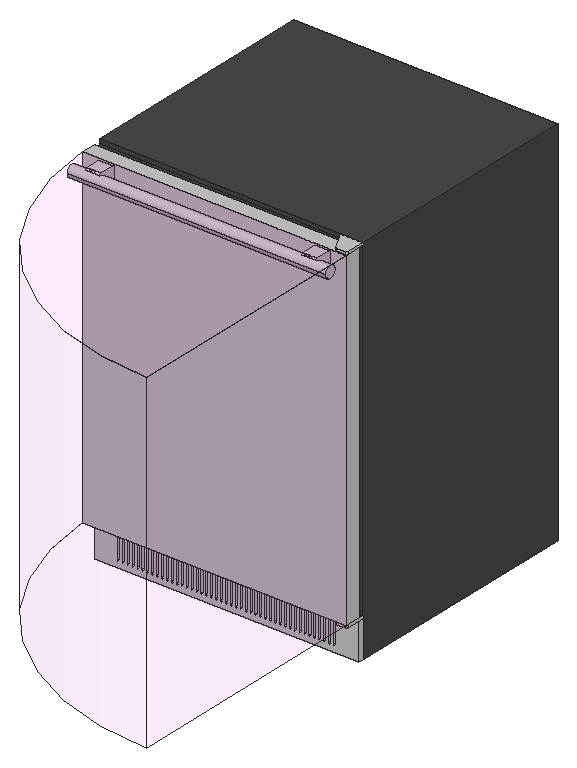
Revit family "Qf_Summit_SPR623OS_24 inches_Wide_Outdoor_All_Refrigerator", category Specialty Equipment, Revit 2020
Family settings
  Round Connector Dimension = Use Diameter
  Part Type = Normal
  Work Plane-Based = No
  Always vertical = Yes
  Cut with Voids When Loaded = No
  Shared = No
  Room Calculation Point = No
Parameters
  Weight in Pounds = 114
  Watts = if(Phase = 3, Volts * FL Amps * 1.73, Volts * FL Amps)  # 143.75 W
  Volts = 115 V
  URL Cutsheet = ""
  Specification by User = ""
  Specification by Manufacturer = ""
  Show Left Hinged Door [instance] = no
  Right Hinged Door [instance] = not(Show Left Hinged Door)  # yes
  Serial Number = ""
  Seismic Rating = ""
  SMACNA No = ""
  Revision Code = ""
  Refrigerant Volume = 0.00 kip
  Refrigerant Type = "R600a"
  Phase = 1
  Number of Poles = 1
  NAFEM Spec ID Number = ""
  Model = "SPR623OS"
  Min Ckt Ampacity = 0 A
  Max Overcurrent Protection = 0 A
  Masterspec = ""
  Manufacturer = "Summit"
  Length = 23 1/2"
  Item Number = ""
  Installed By = ""
  Identify Quantity as Lot = yes
  Height = 34"
  HP = ""
  Furnished By = ""
  Foodservice Equipment Identifier = yes
  FL Amps = 1.25 A
  Electrical Remarks = ""
  Electric Connection Type = ""
  Elec Conn RI Height = 0"
  Elec Conn Connection Height = 0"
  Description = "24\" Wide Outdoor All-Refrigerator"
  Depth = 23 1/2"
  Default Elevation = 0"
  Cycle = 60 Hz
  Conn Plug = ""
  Conn Conduit = yes
  CSI MasterFormat = ""
  Apparent Power = if(Phase = 3, Volts * FL Amps * 1.73, Volts * FL Amps)  # 143.75 VA
Reference planes (in)
  plane 1: z = 0
  plane 2 "LEFT": x = 0
  plane 3 "RIGHT": x = 23.5
  plane 4 "FRONT": y = -24.25
  plane 5 "TOP": z = 34
  plane 6 "Center Y": x = 11.75
  plane 7 "Center X": y = -12.5
  plane 8 "BACK": y = -0.75
  plane 9: y = -46.5
  plane 10: z = 0.75
  plane 11: z = 4
  plane 12: y = -26.25
  plane 13: y = -22.875
  plane 14: y = -22.375
  plane 15: z = 4.25
  plane 16: z = 33.8125
Forms (in)
  Extrusion 1, solid, material "QF_Metal_Stainless_Polished"
    sketch origin (23.88, 0, 0) x (0, 1, 0) y (0, 0, 1)
      loop
        circle (-25.75, 33.0562) r 0.5
    from -23.63 to -0.63
  Extrusion 2, solid, material "QF_Metal_Stainless_Polished"
    sketch origin (23.88, 0, 0) x (0, 1, 0) y (0, 0, 1)
      loop
        arc (-25.75, 33.5562) -> (-25.25, 33.0562) -> (-25.75, 32.5562) r 0.5
        line (-25.75, 32.5562) -> (-25.625, 32.4312) -> (-24.25, 32.4312) -> (-24.25, 33.6812) -> (-25.625, 33.6812) -> (-25.75, 33.5562)
    from -3.13 to -1.88
  Extrusion 3, solid, material "QF_Metal_Stainless_Polished"
    sketch origin (0, 0, 0) x (1, 0, 0) y (0, 1, 0)
      loop
        line (0, -22.875) -> (0, -24.25) -> (23.5, -24.25) -> (23.5, -22.875) -> (0, -22.875)
    from 4.25 to 33.8125
  Extrusion 4, solid, material "QF_Plastic - Black - Matte"
    sketch origin (0, 0, 0) x (1, 0, 0) y (0, 1, 0)
      loop
        line (0.125, -22.375) -> (0.125, -22.875) -> (23.375, -22.875) -> (23.375, -22.375) -> (0.125, -22.375)
    from 4.56834 to 33.6812
  Extrusion 5, solid, material "QF_Plastic - Black - Matte"
    sketch origin (0, 0, 0) x (1, 0, 0) y (0, 1, 0)
      loop
        line (0, -0.75) -> (0, -22.375) -> (23.5, -22.375) -> (23.5, -0.75) -> (0, -0.75)
    from 0.75 to 34
  Extrusion 6, solid, material "QF_Metal_Stainless_Polished"
    sketch origin (23.88, 0, 0) x (0, 1, 0) y (0, 0, 1)
      loop
        line (-22.375, 4) -> (-22.875, 4) -> (-22.875, 0.75) -> (-22.375, 0.75) -> (-22.375, 4)
    from -23.88 to -0.38
  Extrusion 7, solid, material "QF_Metal_Stainless_Polished"
    sketch origin (-0.38, 0, 0) x (0, 1, 0) y (0, 0, -1)
      loop
        line (-25.75, -33.5562) -> (-25.625, -33.6812) -> (-24.25, -33.6812) -> (-24.25, -32.4312) -> (-25.625, -32.4312) -> (-25.75, -32.5562)
        arc (-25.75, -32.5562) -> (-25.25, -33.0562) -> (-25.75, -33.5562) r 0.5
    from -3.13 to -1.88
  Revolve 8, solid
    sketch origin (0, -2, 0) x (1, 0, 0) y (0, 0, 1)
      loop
        line (1.5, 0.75) -> (1.5, 0) -> (2, 0) -> (2.08333, 0.4375) -> (2.08333, 0.5) -> (1.6875, 0.5) -> (1.6875, 0.75) -> (1.5, 0.75)
      axis (1.5, 0) -> (1.5, 0.75)
    angle from 0 to 360
  Revolve 9, solid
    sketch origin (23.5, -2, 0) x (-1, 0, 0) y (0, 0, 1)
      loop
        line (1.5, 0.75) -> (1.5, 0) -> (2, 0) -> (2.08333, 0.4375) -> (2.08333, 0.5) -> (1.6875, 0.5) -> (1.6875, 0.75) -> (1.5, 0.75)
      axis (1.5, 0) -> (1.5, 0.75)
    angle from 0 to 360
  Revolve 10, solid
    sketch origin (0, -21.25, 0) x (1, 0, 0) y (0, 0, 1)
      loop
        line (1.5, 0.75) -> (1.5, 0) -> (2, 0) -> (2.08333, 0.4375) -> (2.08333, 0.5) -> (1.6875, 0.5) -> (1.6875, 0.75) -> (1.5, 0.75)
      axis (1.5, 0) -> (1.5, 0.75)
    angle from 0 to 360
  Revolve 11, solid
    sketch origin (23.5, -21.25, 0) x (-1, 0, 0) y (0, 0, 1)
      loop
        line (1.5, 0.75) -> (1.5, 0) -> (2, 0) -> (2.08333, 0.4375) -> (2.08333, 0.5) -> (1.6875, 0.5) -> (1.6875, 0.75) -> (1.5, 0.75)
      axis (1.5, 0) -> (1.5, 0.75)
    angle from 0 to 360
  Extrusion 12, solid
    sketch origin (0, -0.75, 0) x (1, 0, 0) y (0, 0, 1)
      loop
        circle (17.5, 1.63431) r 0.25
    from 0 to -0.11328
  Extrusion 13, solid, material "QF_Metal_Stainless_Polished", visible <- "Right Hinged Door"
    sketch origin (0, 0, 0) x (1, 0, 0) y (0, 1, 0)
      loop
        line (21.5, -22.375) -> (22.46339, -24.12801)
        arc (22.46339, -24.12801) -> (22.50887, -24.17162) -> (22.56985, -24.1875) r 0.125
        line (22.56985, -24.1875) -> (23.375, -24.1875)
        arc (23.375, -24.1875) -> (23.46339, -24.15089) -> (23.5, -24.0625) r 0.125
        line (23.5, -24.0625) -> (23.5, -22.375) -> (21.5, -22.375)
    from 33.8125 to 34
  Extrusion 14, solid, material "QF_Metal_Stainless_Polished", visible <- "Right Hinged Door"
    sketch origin (0, 0, 34.75) x (0, -1, 0) y (1, 0, 0)
      loop
        line (22.375, 21.5) -> (24.12801, 22.46339)
        arc (24.12801, 22.46339) -> (24.17162, 22.50887) -> (24.1875, 22.56985) r 0.125
        line (24.1875, 22.56985) -> (24.1875, 23.375)
        arc (24.1875, 23.375) -> (24.15089, 23.46339) -> (24.0625, 23.5) r 0.125
        line (24.0625, 23.5) -> (22.375, 23.5) -> (22.375, 21.5)
    from -30.75 to -30.5
  Extrusion 15, void
    sketch origin (23.88, -22.875, 4) x (0, 0, 1) y (1, 0, 0)
      loop
        arc (-0.54337, -21.84875) -> (-0.44962, -21.755) -> (-0.54337, -21.66125) r 0.09375
        line (-0.54337, -21.66125) -> (-2.60587, -21.66125)
        arc (-2.60587, -21.66125) -> (-2.69962, -21.755) -> (-2.60587, -21.84875) r 0.09375
        line (-2.60587, -21.84875) -> (-0.54337, -21.84875)
      loop
        arc (-0.54337, -21.41125) -> (-0.44962, -21.3175) -> (-0.54337, -21.22375) r 0.09375
        line (-0.54337, -21.22375) -> (-2.60587, -21.22375)
        arc (-2.60587, -21.22375) -> (-2.69962, -21.3175) -> (-2.60587, -21.41125) r 0.09375
        line (-2.60587, -21.41125) -> (-0.54337, -21.41125)
      loop
        arc (-0.54337, -20.97375) -> (-0.44962, -20.88) -> (-0.54337, -20.78625) r 0.09375
        line (-0.54337, -20.78625) -> (-2.60587, -20.78625)
        arc (-2.60587, -20.78625) -> (-2.69962, -20.88) -> (-2.60587, -20.97375) r 0.09375
        line (-2.60587, -20.97375) -> (-0.54337, -20.97375)
      loop
        arc (-0.53125, -20.53625) -> (-0.4375, -20.4425) -> (-0.53125, -20.34875) r 0.09375
        line (-0.53125, -20.34875) -> (-2.59375, -20.34875)
        arc (-2.59375, -20.34875) -> (-2.6875, -20.4425) -> (-2.59375, -20.53625) r 0.09375
        line (-2.59375, -20.53625) -> (-0.53125, -20.53625)
      loop
        arc (-0.53125, -20.09875) -> (-0.4375, -20.005) -> (-0.53125, -19.91125) r 0.09375
        line (-0.53125, -19.91125) -> (-2.59375, -19.91125)
        arc (-2.59375, -19.91125) -> (-2.6875, -20.005) -> (-2.59375, -20.09875) r 0.09375
        line (-2.59375, -20.09875) -> (-0.53125, -20.09875)
      loop
        arc (-0.53125, -19.66125) -> (-0.4375, -19.5675) -> (-0.53125, -19.47375) r 0.09375
        line (-0.53125, -19.47375) -> (-2.59375, -19.47375)
        arc (-2.59375, -19.47375) -> (-2.6875, -19.5675) -> (-2.59375, -19.66125) r 0.09375
        line (-2.59375, -19.66125) -> (-0.53125, -19.66125)
      loop
        arc (-0.54337, -19.22375) -> (-0.44962, -19.13) -> (-0.54337, -19.03625) r 0.09375
        line (-0.54337, -19.03625) -> (-2.60587, -19.03625)
        arc (-2.60587, -19.03625) -> (-2.69962, -19.13) -> (-2.60587, -19.22375) r 0.09375
        line (-2.60587, -19.22375) -> (-0.54337, -19.22375)
      loop
        arc (-0.54337, -18.78625) -> (-0.44962, -18.6925) -> (-0.54337, -18.59875) r 0.09375
        line (-0.54337, -18.59875) -> (-2.60587, -18.59875)
        arc (-2.60587, -18.59875) -> (-2.69962, -18.6925) -> (-2.60587, -18.78625) r 0.09375
        line (-2.60587, -18.78625) -> (-0.54337, -18.78625)
      loop
        arc (-0.54337, -18.34875) -> (-0.44962, -18.255) -> (-0.54337, -18.16125) r 0.09375
        line (-0.54337, -18.16125) -> (-2.60587, -18.16125)
        arc (-2.60587, -18.16125) -> (-2.69962, -18.255) -> (-2.60587, -18.34875) r 0.09375
        line (-2.60587, -18.34875) -> (-0.54337, -18.34875)
      loop
        arc (-0.53125, -17.91125) -> (-0.4375, -17.8175) -> (-0.53125, -17.72375) r 0.09375
        line (-0.53125, -17.72375) -> (-2.59375, -17.72375)
        arc (-2.59375, -17.72375) -> (-2.6875, -17.8175) -> (-2.59375, -17.91125) r 0.09375
        line (-2.59375, -17.91125) -> (-0.53125, -17.91125)
      loop
        arc (-0.54337, -17.47375) -> (-0.44962, -17.38) -> (-0.54337, -17.28625) r 0.09375
        line (-0.54337, -17.28625) -> (-2.60587, -17.28625)
        arc (-2.60587, -17.28625) -> (-2.69962, -17.38) -> (-2.60587, -17.47375) r 0.09375
        line (-2.60587, -17.47375) -> (-0.54337, -17.47375)
      loop
        arc (-0.54337, -17.03625) -> (-0.44962, -16.9425) -> (-0.54337, -16.84875) r 0.09375
        line (-0.54337, -16.84875) -> (-2.60587, -16.84875)
        arc (-2.60587, -16.84875) -> (-2.69962, -16.9425) -> (-2.60587, -17.03625) r 0.09375
        line (-2.60587, -17.03625) -> (-0.54337, -17.03625)
      loop
        arc (-0.54337, -16.59875) -> (-0.44962, -16.505) -> (-0.54337, -16.41125) r 0.09375
        line (-0.54337, -16.41125) -> (-2.60587, -16.41125)
        arc (-2.60587, -16.41125) -> (-2.69962, -16.505) -> (-2.60587, -16.59875) r 0.09375
        line (-2.60587, -16.59875) -> (-0.54337, -16.59875)
      loop
        arc (-0.53125, -16.16125) -> (-0.4375, -16.0675) -> (-0.53125, -15.97375) r 0.09375
        line (-0.53125, -15.97375) -> (-2.59375, -15.97375)
        arc (-2.59375, -15.97375) -> (-2.6875, -16.0675) -> (-2.59375, -16.16125) r 0.09375
        line (-2.59375, -16.16125) -> (-0.53125, -16.16125)
      loop
        arc (-0.53125, -15.72375) -> (-0.4375, -15.63) -> (-0.53125, -15.53625) r 0.09375
        line (-0.53125, -15.53625) -> (-2.59375, -15.53625)
        arc (-2.59375, -15.53625) -> (-2.6875, -15.63) -> (-2.59375, -15.72375) r 0.09375
        line (-2.59375, -15.72375) -> (-0.53125, -15.72375)
      loop
        arc (-0.53125, -15.28625) -> (-0.4375, -15.1925) -> (-0.53125, -15.09875) r 0.09375
        line (-0.53125, -15.09875) -> (-2.59375, -15.09875)
        arc (-2.59375, -15.09875) -> (-2.6875, -15.1925) -> (-2.59375, -15.28625) r 0.09375
        line (-2.59375, -15.28625) -> (-0.53125, -15.28625)
      loop
        arc (-0.54337, -14.84875) -> (-0.44962, -14.755) -> (-0.54337, -14.66125) r 0.09375
        line (-0.54337, -14.66125) -> (-2.60587, -14.66125)
        arc (-2.60587, -14.66125) -> (-2.69962, -14.755) -> (-2.60587, -14.84875) r 0.09375
        line (-2.60587, -14.84875) -> (-0.54337, -14.84875)
      loop
        arc (-0.54337, -14.41125) -> (-0.44962, -14.3175) -> (-0.54337, -14.22375) r 0.09375
        line (-0.54337, -14.22375) -> (-2.60587, -14.22375)
        arc (-2.60587, -14.22375) -> (-2.69962, -14.3175) -> (-2.60587, -14.41125) r 0.09375
        line (-2.60587, -14.41125) -> (-0.54337, -14.41125)
      loop
        arc (-0.54337, -13.97375) -> (-0.44962, -13.88) -> (-0.54337, -13.78625) r 0.09375
        line (-0.54337, -13.78625) -> (-2.60587, -13.78625)
        arc (-2.60587, -13.78625) -> (-2.69962, -13.88) -> (-2.60587, -13.97375) r 0.09375
        line (-2.60587, -13.97375) -> (-0.54337, -13.97375)
      loop
        arc (-0.53125, -13.53625) -> (-0.4375, -13.4425) -> (-0.53125, -13.34875) r 0.09375
        line (-0.53125, -13.34875) -> (-2.59375, -13.34875)
        arc (-2.59375, -13.34875) -> (-2.6875, -13.4425) -> (-2.59375, -13.53625) r 0.09375
        line (-2.59375, -13.53625) -> (-0.53125, -13.53625)
      loop
        arc (-0.54337, -13.09875) -> (-0.44962, -13.005) -> (-0.54337, -12.91125) r 0.09375
        line (-0.54337, -12.91125) -> (-2.60587, -12.91125)
        arc (-2.60587, -12.91125) -> (-2.69962, -13.005) -> (-2.60587, -13.09875) r 0.09375
        line (-2.60587, -13.09875) -> (-0.54337, -13.09875)
      loop
        arc (-0.54337, -12.66125) -> (-0.44962, -12.5675) -> (-0.54337, -12.47375) r 0.09375
        line (-0.54337, -12.47375) -> (-2.60587, -12.47375)
        arc (-2.60587, -12.47375) -> (-2.69962, -12.5675) -> (-2.60587, -12.66125) r 0.09375
        line (-2.60587, -12.66125) -> (-0.54337, -12.66125)
      loop
        arc (-0.54337, -12.22375) -> (-0.44962, -12.13) -> (-0.54337, -12.03625) r 0.09375
        line (-0.54337, -12.03625) -> (-2.60587, -12.03625)
        arc (-2.60587, -12.03625) -> (-2.69962, -12.13) -> (-2.60587, -12.22375) r 0.09375
        line (-2.60587, -12.22375) -> (-0.54337, -12.22375)
      loop
        arc (-0.53125, -11.78625) -> (-0.4375, -11.6925) -> (-0.53125, -11.59875) r 0.09375
        line (-0.53125, -11.59875) -> (-2.59375, -11.59875)
        arc (-2.59375, -11.59875) -> (-2.6875, -11.6925) -> (-2.59375, -11.78625) r 0.09375
        line (-2.59375, -11.78625) -> (-0.53125, -11.78625)
      loop
        arc (-0.53125, -11.34875) -> (-0.4375, -11.255) -> (-0.53125, -11.16125) r 0.09375
        line (-0.53125, -11.16125) -> (-2.59375, -11.16125)
        arc (-2.59375, -11.16125) -> (-2.6875, -11.255) -> (-2.59375, -11.34875) r 0.09375
        line (-2.59375, -11.34875) -> (-0.53125, -11.34875)
      loop
        arc (-0.53125, -10.91125) -> (-0.4375, -10.8175) -> (-0.53125, -10.72375) r 0.09375
        line (-0.53125, -10.72375) -> (-2.59375, -10.72375)
        arc (-2.59375, -10.72375) -> (-2.6875, -10.8175) -> (-2.59375, -10.91125) r 0.09375
        line (-2.59375, -10.91125) -> (-0.53125, -10.91125)
      loop
        arc (-0.54337, -10.47375) -> (-0.44962, -10.38) -> (-0.54337, -10.28625) r 0.09375
        line (-0.54337, -10.28625) -> (-2.60587, -10.28625)
        arc (-2.60587, -10.28625) -> (-2.69962, -10.38) -> (-2.60587, -10.47375) r 0.09375
        line (-2.60587, -10.47375) -> (-0.54337, -10.47375)
      loop
        arc (-0.54337, -10.03625) -> (-0.44962, -9.9425) -> (-0.54337, -9.84875) r 0.09375
        line (-0.54337, -9.84875) -> (-2.60587, -9.84875)
        arc (-2.60587, -9.84875) -> (-2.69962, -9.9425) -> (-2.60587, -10.03625) r 0.09375
        line (-2.60587, -10.03625) -> (-0.54337, -10.03625)
      loop
        arc (-0.54337, -9.59875) -> (-0.44962, -9.505) -> (-0.54337, -9.41125) r 0.09375
        line (-0.54337, -9.41125) -> (-2.60587, -9.41125)
        arc (-2.60587, -9.41125) -> (-2.69962, -9.505) -> (-2.60587, -9.59875) r 0.09375
        line (-2.60587, -9.59875) -> (-0.54337, -9.59875)
      loop
        arc (-0.53125, -9.16125) -> (-0.4375, -9.0675) -> (-0.53125, -8.97375) r 0.09375
        line (-0.53125, -8.97375) -> (-2.59375, -8.97375)
        arc (-2.59375, -8.97375) -> (-2.6875, -9.0675) -> (-2.59375, -9.16125) r 0.09375
        line (-2.59375, -9.16125) -> (-0.53125, -9.16125)
      loop
        arc (-0.54337, -8.72375) -> (-0.44962, -8.63) -> (-0.54337, -8.53625) r 0.09375
        line (-0.54337, -8.53625) -> (-2.60587, -8.53625)
        arc (-2.60587, -8.53625) -> (-2.69962, -8.63) -> (-2.60587, -8.72375) r 0.09375
        line (-2.60587, -8.72375) -> (-0.54337, -8.72375)
      loop
        arc (-0.54337, -8.28625) -> (-0.44962, -8.1925) -> (-0.54337, -8.09875) r 0.09375
        line (-0.54337, -8.09875) -> (-2.60587, -8.09875)
        arc (-2.60587, -8.09875) -> (-2.69962, -8.1925) -> (-2.60587, -8.28625) r 0.09375
        line (-2.60587, -8.28625) -> (-0.54337, -8.28625)
      loop
        arc (-0.54337, -7.84875) -> (-0.44962, -7.755) -> (-0.54337, -7.66125) r 0.09375
        line (-0.54337, -7.66125) -> (-2.60587, -7.66125)
        arc (-2.60587, -7.66125) -> (-2.69962, -7.755) -> (-2.60587, -7.84875) r 0.09375
        line (-2.60587, -7.84875) -> (-0.54337, -7.84875)
      loop
        arc (-0.53125, -7.41125) -> (-0.4375, -7.3175) -> (-0.53125, -7.22375) r 0.09375
        line (-0.53125, -7.22375) -> (-2.59375, -7.22375)
        arc (-2.59375, -7.22375) -> (-2.6875, -7.3175) -> (-2.59375, -7.41125) r 0.09375
        line (-2.59375, -7.41125) -> (-0.53125, -7.41125)
      loop
        arc (-0.53125, -6.97375) -> (-0.4375, -6.88) -> (-0.53125, -6.78625) r 0.09375
        line (-0.53125, -6.78625) -> (-2.59375, -6.78625)
        arc (-2.59375, -6.78625) -> (-2.6875, -6.88) -> (-2.59375, -6.97375) r 0.09375
        line (-2.59375, -6.97375) -> (-0.53125, -6.97375)
      loop
        arc (-0.53125, -6.53625) -> (-0.4375, -6.4425) -> (-0.53125, -6.34875) r 0.09375
        line (-0.53125, -6.34875) -> (-2.59375, -6.34875)
        arc (-2.59375, -6.34875) -> (-2.6875, -6.4425) -> (-2.59375, -6.53625) r 0.09375
        line (-2.59375, -6.53625) -> (-0.53125, -6.53625)
      loop
        arc (-0.54337, -6.09875) -> (-0.44962, -6.005) -> (-0.54337, -5.91125) r 0.09375
        line (-0.54337, -5.91125) -> (-2.60587, -5.91125)
        arc (-2.60587, -5.91125) -> (-2.69962, -6.005) -> (-2.60587, -6.09875) r 0.09375
        line (-2.60587, -6.09875) -> (-0.54337, -6.09875)
      loop
        arc (-0.54337, -5.66125) -> (-0.44962, -5.5675) -> (-0.54337, -5.47375) r 0.09375
        line (-0.54337, -5.47375) -> (-2.60587, -5.47375)
        arc (-2.60587, -5.47375) -> (-2.69962, -5.5675) -> (-2.60587, -5.66125) r 0.09375
        line (-2.60587, -5.66125) -> (-0.54337, -5.66125)
      loop
        arc (-0.54337, -5.22375) -> (-0.44962, -5.13) -> (-0.54337, -5.03625) r 0.09375
        line (-0.54337, -5.03625) -> (-2.60587, -5.03625)
        arc (-2.60587, -5.03625) -> (-2.69962, -5.13) -> (-2.60587, -5.22375) r 0.09375
        line (-2.60587, -5.22375) -> (-0.54337, -5.22375)
      loop
        arc (-0.53125, -4.78625) -> (-0.4375, -4.6925) -> (-0.53125, -4.59875) r 0.09375
        line (-0.53125, -4.59875) -> (-2.59375, -4.59875)
        arc (-2.59375, -4.59875) -> (-2.6875, -4.6925) -> (-2.59375, -4.78625) r 0.09375
        line (-2.59375, -4.78625) -> (-0.53125, -4.78625)
      loop
        arc (-0.54337, -4.34875) -> (-0.44962, -4.255) -> (-0.54337, -4.16125) r 0.09375
        line (-0.54337, -4.16125) -> (-2.60587, -4.16125)
        arc (-2.60587, -4.16125) -> (-2.69962, -4.255) -> (-2.60587, -4.34875) r 0.09375
        line (-2.60587, -4.34875) -> (-0.54337, -4.34875)
      loop
        arc (-0.54337, -3.91125) -> (-0.44962, -3.8175) -> (-0.54337, -3.72375) r 0.09375
        line (-0.54337, -3.72375) -> (-2.60587, -3.72375)
        arc (-2.60587, -3.72375) -> (-2.69962, -3.8175) -> (-2.60587, -3.91125) r 0.09375
        line (-2.60587, -3.91125) -> (-0.54337, -3.91125)
      loop
        arc (-0.54337, -3.47375) -> (-0.44962, -3.38) -> (-0.54337, -3.28625) r 0.09375
        line (-0.54337, -3.28625) -> (-2.60587, -3.28625)
        arc (-2.60587, -3.28625) -> (-2.69962, -3.38) -> (-2.60587, -3.47375) r 0.09375
        line (-2.60587, -3.47375) -> (-0.54337, -3.47375)
      loop
        arc (-0.53125, -3.03625) -> (-0.4375, -2.9425) -> (-0.53125, -2.84875) r 0.09375
        line (-0.53125, -2.84875) -> (-2.59375, -2.84875)
        arc (-2.59375, -2.84875) -> (-2.6875, -2.9425) -> (-2.59375, -3.03625) r 0.09375
        line (-2.59375, -3.03625) -> (-0.53125, -3.03625)
      loop
        arc (-0.53125, -2.59875) -> (-0.4375, -2.505) -> (-0.53125, -2.41125) r 0.09375
        line (-0.53125, -2.41125) -> (-2.59375, -2.41125)
        arc (-2.59375, -2.41125) -> (-2.6875, -2.505) -> (-2.59375, -2.59875) r 0.09375
        line (-2.59375, -2.59875) -> (-0.53125, -2.59875)
    from 0 to 0.5
  Extrusion 16, solid, material "QF_Clearances_Door_Drawer", visible <- "Right Hinged Door"
    sketch origin (0, 0, 0) x (1, 0, 0) y (0, 1, 0)
      loop
        arc (0.02353, -24.24895) -> (7.32606, -40.05533) -> (23.5, -46.50296) r 23.51004
        line (23.5, -46.50296) -> (23.5, -24.24895) -> (0.02353, -24.24895)
    from 4.25 to 33.8125
  Extrusion 17, solid, material "QF_Metal_Stainless_Polished", visible <- "Show Left Hinged Door"
    sketch origin (23.5, 0, 0) x (-1, 0, 0) y (0, -1, 0)
      loop
        line (21.5, 22.375) -> (23.5, 22.375) -> (23.5, 24.0625)
        arc (23.5, 24.0625) -> (23.46339, 24.15089) -> (23.375, 24.1875) r 0.125
        line (23.375, 24.1875) -> (22.56985, 24.1875)
        arc (22.56985, 24.1875) -> (22.50887, 24.17162) -> (22.46339, 24.12801) r 0.125
        line (22.46339, 24.12801) -> (21.5, 22.375)
    from 33.8125 to 34
  Extrusion 18, solid, material "QF_Metal_Stainless_Polished", visible <- "Show Left Hinged Door"
    sketch origin (23.5, 0, 34.75) x (0, 1, 0) y (-1, 0, 0)
      loop
        line (-22.375, 21.5) -> (-22.375, 23.5) -> (-24.0625, 23.5)
        arc (-24.0625, 23.5) -> (-24.15089, 23.46339) -> (-24.1875, 23.375) r 0.125
        line (-24.1875, 23.375) -> (-24.1875, 22.56985)
        arc (-24.1875, 22.56985) -> (-24.17162, 22.50887) -> (-24.12801, 22.46339) r 0.125
        line (-24.12801, 22.46339) -> (-22.375, 21.5)
    from -30.75 to -30.5
  Extrusion 19, solid, material "QF_Clearances_Door_Drawer", visible <- "Show Left Hinged Door"
    sketch origin (23.5, 0, 0) x (-1, 0, 0) y (0, -1, 0)
      loop
        line (0.02353, 24.24895) -> (23.5, 24.24895) -> (23.5, 46.50296)
        arc (23.5, 46.50296) -> (7.32606, 40.05533) -> (0.02353, 24.24895) r 23.51004
    from 4.25 to 33.8125
Cuts and joins
  Extrusion 15 cuts Extrusion 5
  Extrusion 15 cuts Extrusion 6
Lines and regions (in)
  symbolic lines
    curve 1: line (0, -0.75, 0) -> (0, -22.375, 0)
    curve 2: line (0, -22.375, 0) -> (23.5, -22.375, 0)
    curve 3: line (23.5, -24.25, 0) -> (23.5, -22.875, 0)
    curve 4: line (23.5, -0.75, 0) -> (0, -0.75, 0)
    curve 5: line (0, -24.25, 0) -> (23.5, -24.25, 0)
    curve 6: line (23.5, -24.25, 0) -> (23.5, -22.875, 0)
    curve 7: line (0, -22.875, 0) -> (0, -24.25, 0)
    curve 8: line (1.5, -25.75, 0) -> (1.5, -24.25, 0)
    curve 9: line (2.75, -25.75, 0) -> (1.5, -25.75, 0)
    curve 10: line (2.75, -24.25, 0) -> (2.75, -25.75, 0)
    curve 11: line (20.75, -25.75, 0) -> (20.75, -24.25, 0)
    curve 12: line (22, -25.75, 0) -> (20.75, -25.75, 0)
    curve 13: line (22, -24.25, 0) -> (22, -25.75, 0)
    curve 18: line (21.77473, -22.875, 0) -> (1.75, -22.875, 0)
    curve 19: line (23.25, -25.25, 0) -> (22, -25.25, 0)
    curve 20: line (20.75, -25.25, 0) -> (2.75, -25.25, 0)
    curve 21: line (0.25, -25.25, 0) -> (1.5, -25.25, 0)
    curve 22: line (0.25, -25.25, 0) -> (0.25, -26.25, 0)
    curve 23: line (0.25, -26.25, 0) -> (23.25, -26.25, 0)
    curve 26: line (23.25, -25.25, 0) -> (23.25, -26.25, 0)
    curve 35: line (23.5, -22.375, 0) -> (23.5, -0.75, 0)
  symbolic lines, visible <- "Right Hinged Door"
    curve 14: line (21.5, -22.375, 0) -> (22.4603, -24.12269, 0)
    curve 15: arc (22.4603, -24.12269, 0) -> (22.50621, -24.17009, 0) -> (22.56985, -24.1875, 0) r 0.125
    curve 16: line (22.56985, -24.1875, 0) -> (23.375, -24.1875, 0)
    curve 17: arc (23.375, -24.1875, 0) -> (23.46339, -24.15089, 0) -> (23.5, -24.0625, 0) r 0.125
    curve 27: line (0.125, -22.375, 0) -> (0.125, -22.875, 0)
    curve 28: line (1.75, -22.875, 0) -> (0, -22.875, 0)
    curve 36: line (23.5, -22.875, 0) -> (23.5, -22.375, 0)
  symbolic lines, style "QF_Clearances_Door_Drawer"
    curve 24: arc (0.02844, -24.25, 0) -> (1.12637, -30.20234, 0) -> (3.70792, -35.67696, 0) r 23.50492
    curve 25: line (3.70792, -35.67696, 0) -> (23.5, -24.25, 0)
  symbolic lines, visible <- "Show Left Hinged Door"
    curve 29: line (23.375, -22.375, 0) -> (23.375, -22.875, 0)
    curve 30: line (21.75, -22.875, 0) -> (23.5, -22.875, 0)
    curve 31: line (2, -22.375, 0) -> (1.0397, -24.12269, 0)
    curve 32: arc (1.0397, -24.12269, 0) -> (0.99379, -24.17009, 0) -> (0.93015, -24.1875, 0) r 0.125
    curve 33: line (0.93015, -24.1875, 0) -> (0.125, -24.1875, 0)
    curve 34: arc (0.125, -24.1875, 0) -> (0.03661, -24.15089, 0) -> (0, -24.0625, 0) r 0.125
    curve 37: line (0, -22.875, 0) -> (0, -22.375, 0)
Dimensions and locks (in)
  equal spacing: plane 2 "LEFT", plane 6 "Center Y", plane 3 "RIGHT"
  "Length": plane 2 "LEFT" to plane 3 "RIGHT"
  equal spacing: plane 4 "FRONT", plane 7 "Center X", plane 8 "BACK"
  "Height": plane 5 "TOP" to level
  plane 3 "RIGHT" to plane 2 "LEFT" = 23 1/2"
  plane 5 "TOP" to level = 34"
  "Depth": plane 4 "FRONT" to plane 8 "BACK"
  plane 8 "BACK" to plane 9 = 45 3/4"
  plane 12 to plane 4 "FRONT" = 2"  (x2)
  plane 14 to plane 8 "BACK" = 21 5/8"
  plane 10 to level = 3/4"
  aligned and locked: level to plane 1
  aligned and locked: Extrusion 3 to plane 16
  aligned and locked: Extrusion 6 to plane 2 "LEFT"
  aligned and locked: Extrusion 6 to plane 3 "RIGHT"
  aligned and locked: plane 5 "TOP" to Extrusion 13
  aligned and locked: plane 16 to Extrusion 13
  aligned and locked: Extrusion 16 to plane 16
  aligned and locked: Extrusion 16 to Extrusion 14
  aligned and locked: Extrusion 19 to Extrusion 18
Automatic sketch dimensions
  plane 11 to Extrusion 6 sketch curve = 0"
  Extrusion 6 sketch curve to plane 13 = 0"
  plane 10 to Extrusion 6 sketch curve = 0"
  Extrusion 6 sketch curve to plane 14 = 0"
  curve 1 to plane 2 "LEFT" = 0"
  plane 4 "FRONT" to curve 24 = 0"
  plane 13 to curve 27 = 0"
  plane 14 to curve 27 = 0"
  plane 12 to curve 23 = 0"
  plane 13 to curve 30 = 0"
  curve 3 to plane 3 "RIGHT" = 0"
  curve 24 to plane 3 "RIGHT" = 0"
  plane 8 "BACK" to curve 4 = 0"
  plane 2 "LEFT" to curve 34 = 1/8"
  plane 2 "LEFT" to curve 23 = 1/4"
  curve 33 to plane 4 "FRONT" = 1/16"
  curve 34 to curve 33 = 0.80515"
  curve 31 to plane 4 "FRONT" = 0.12731"
  curve 32 to curve 31 = 0.10955"
  curve 8 to plane 12 = 1/2"
  curve 22 to curve 8 = 1 1/4"
  curve 8 to curve 18 = 1/4"
  curve 8 to curve 10 = 1 1/4"
  plane 2 "LEFT" to curve 25 = 3.70792"
  curve 11 to plane 12 = 1/2"
  plane 3 "RIGHT" to curve 11 = 2 3/4"
  curve 11 to curve 13 = 1 1/4"
  curve 14 to plane 4 "FRONT" = 0.12731"
  curve 13 to curve 14 = 0.4603"
  curve 15 to curve 15 = 0.10955"
  plane 3 "RIGHT" to curve 19 = 1/4"
  plane 3 "RIGHT" to curve 17 = 1/8"
  plane 12 to curve 25 = 9.42696"
  curve 22 to curve 21 = 1"
  plane 4 "FRONT" to curve 26 = 1"
  curve 16 to plane 4 "FRONT" = 1/16"
  plane 13 to curve 24 = 0.12304"
  curve 7 to curve 27 = 1/8"
  curve 18 to curve 31 = 1/4"
  curve 14 to curve 13 = 1/2"
  curve 30 to curve 18 = 0.02473"
  plane 3 "RIGHT" to curve 29 = 1/8"
  curve 9 to curve 20 = 1/2"
  Extrusion 1 sketch curve to plane 12 = 1/2"
  plane 16 to Extrusion 1 sketch curve = 0.7563"
  Extrusion 2 sketch curve to plane 4 "FRONT" = 0"
  plane 16 to Extrusion 2 sketch curve = 0.1313"
  Extrusion 2 sketch curve to plane 12 = 5/8"  (x2)
  Extrusion 2 sketch curve to plane 12 = 1/2"
  Extrusion 2 sketch curve to Extrusion 2 sketch curve = 1/8"
  Extrusion 2 sketch curve to Extrusion 2 sketch curve = 1/2"
  Extrusion 2 sketch curve to Extrusion 2 sketch curve = 1 1/4"
  Extrusion 3 sketch curve to plane 2 "LEFT" = 0"
  Extrusion 3 sketch curve to plane 3 "RIGHT" = 0"
  plane 4 "FRONT" to Extrusion 3 sketch curve = 0"
  plane 13 to Extrusion 3 sketch curve = 0"
  plane 13 to Extrusion 4 sketch curve = 0"
  plane 14 to Extrusion 4 sketch curve = 0"
  plane 2 "LEFT" to Extrusion 4 sketch curve = 1/8"
  plane 3 "RIGHT" to Extrusion 4 sketch curve = 1/8"
  Extrusion 5 sketch curve to plane 2 "LEFT" = 0"
  Extrusion 5 sketch curve to plane 3 "RIGHT" = 0"
  plane 14 to Extrusion 5 sketch curve = 0"
  plane 8 "BACK" to Extrusion 5 sketch curve = 0"
  Extrusion 7 sketch curve to plane 4 "FRONT" = 0"
  plane 16 to Extrusion 7 sketch curve = 0.1313"
  Extrusion 7 sketch curve to plane 12 = 5/8"  (x2)
  Extrusion 7 sketch curve to plane 12 = 1/2"
  Extrusion 7 sketch curve to Extrusion 7 sketch curve = 1/8"  (x2)
  Extrusion 7 sketch curve to Extrusion 7 sketch curve = 1/2"
  Revolve 8 sketch curve to plane 10 = 0"  (x2)
  Revolve 8 sketch curve to level = 0"
  plane 2 "LEFT" to Revolve 8 sketch curve = 1 1/2"
  Revolve 8 sketch curve to Revolve 8 sketch curve = 3/16"
  Revolve 8 sketch curve to Revolve 8 sketch curve = 1/2"
  Revolve 8 sketch curve to Revolve 8 sketch curve = 0.39583"
  plane 10 to Revolve 8 sketch curve = 5/16"
  Revolve 8 sketch curve to Revolve 8 sketch curve = 1/16"
  Revolve 8 sketch curve to Revolve 8 sketch curve = 0"
  Revolve 8 sketch curve to Revolve 8 sketch curve = 0.19405"
  Revolve 9 sketch curve to plane 10 = 0"  (x2)
  Revolve 9 sketch curve to level = 0"
  Revolve 9 sketch curve to plane 3 "RIGHT" = 1 1/2"
  Revolve 9 sketch curve to Revolve 9 sketch curve = 3/16"
  Revolve 9 sketch curve to Revolve 9 sketch curve = 1/2"
  Revolve 9 sketch curve to Revolve 9 sketch curve = 0.39583"
  Revolve 9 sketch curve to plane 10 = 5/16"
  Revolve 9 sketch curve to Revolve 9 sketch curve = 1/16"
  Revolve 9 sketch curve to Revolve 9 sketch curve = 0"
  Revolve 9 sketch curve to Revolve 9 sketch curve = 0.19405"
  Revolve 10 sketch curve to plane 10 = 0"  (x2)
  Revolve 10 sketch curve to level = 0"
  plane 2 "LEFT" to Revolve 10 sketch curve = 1 1/2"
  Revolve 10 sketch curve to Revolve 10 sketch curve = 3/16"
  Revolve 10 sketch curve to Revolve 10 sketch curve = 1/2"
  Revolve 10 sketch curve to Revolve 10 sketch curve = 0.39583"
  plane 10 to Revolve 10 sketch curve = 5/16"
  Revolve 10 sketch curve to Revolve 10 sketch curve = 1/16"
  Revolve 10 sketch curve to Revolve 10 sketch curve = 0"
  Revolve 10 sketch curve to Revolve 10 sketch curve = 0.19405"
  Revolve 11 sketch curve to plane 10 = 0"  (x2)
  Revolve 11 sketch curve to level = 0"
  Revolve 11 sketch curve to plane 3 "RIGHT" = 1 1/2"
  Revolve 11 sketch curve to Revolve 11 sketch curve = 3/16"
  Revolve 11 sketch curve to Revolve 11 sketch curve = 1/2"
  Revolve 11 sketch curve to Revolve 11 sketch curve = 0.39583"
  Revolve 11 sketch curve to plane 10 = 5/16"
  Revolve 11 sketch curve to Revolve 11 sketch curve = 1/16"
  Revolve 11 sketch curve to Revolve 11 sketch curve = 0"
  Revolve 11 sketch curve to Revolve 11 sketch curve = 0.19405"
  plane 14 to Extrusion 13 sketch curve = 0"
  Extrusion 13 sketch curve to plane 3 "RIGHT" = 0"
  plane 3 "RIGHT" to Extrusion 13 sketch curve = 1/8"
  Extrusion 13 sketch curve to plane 4 "FRONT" = 3/16"
  Extrusion 13 sketch curve to Extrusion 13 sketch curve = 0.80515"
  Extrusion 13 sketch curve to plane 4 "FRONT" = 0.12199"
  Extrusion 13 sketch curve to Extrusion 13 sketch curve = 0.10646"
  Extrusion 13 sketch curve to Extrusion 13 sketch curve = 1.06985"
  plane 14 to Extrusion 14 sketch curve = 0"
  Extrusion 14 sketch curve to plane 3 "RIGHT" = 0"
  Extrusion 14 sketch curve to plane 4 "FRONT" = 3/16"  (x2)
  Extrusion 14 sketch curve to plane 4 "FRONT" = 0.12199"
  Extrusion 14 sketch curve to plane 4 "FRONT" = 1/16"
  Extrusion 14 sketch curve to Extrusion 14 sketch curve = 0.80515"
  Extrusion 14 sketch curve to Extrusion 14 sketch curve = 1.06985"
  Extrusion 6 to Extrusion 15 sketch curve = 0.64413"  (x10)
  Extrusion 15 sketch curve to Extrusion 15 sketch curve = 0"  (x51)
  Extrusion 15 sketch curve to Extrusion 15 sketch curve = 0.01212"  (x17)
  Extrusion 6 to Extrusion 15 sketch curve = 21/32"
  Extrusion 6 to Extrusion 15 sketch curve = 0.54337"  (x11)
  Extrusion 15 sketch curve to Extrusion 6 = 2 1/32"
  Extrusion 15 sketch curve to Extrusion 15 sketch curve = 3/32"  (x45)
  Extrusion 15 sketch curve to Extrusion 15 sketch curve = 1/4"  (x44)
  Extrusion 16 sketch curve to plane 3 "RIGHT" = 0"
  Extrusion 16 sketch curve to plane 4 "FRONT" = 0.00105"
  plane 2 "LEFT" to Extrusion 16 sketch curve = 0.02353"
  Extrusion 16 sketch curve to plane 9 = 0.00296"
  plane 14 to Extrusion 17 sketch curve = 0"
  Extrusion 17 sketch curve to plane 2 "LEFT" = 0"
  Extrusion 17 sketch curve to plane 2 "LEFT" = 1/8"
  plane 4 "FRONT" to Extrusion 17 sketch curve = 3/16"
  Extrusion 17 sketch curve to Extrusion 17 sketch curve = 0.80515"
  plane 4 "FRONT" to Extrusion 17 sketch curve = 0.12199"
  Extrusion 17 sketch curve to Extrusion 17 sketch curve = 0.10646"
  Extrusion 17 sketch curve to Extrusion 17 sketch curve = 1.06985"
  Extrusion 18 sketch curve to plane 2 "LEFT" = 0"
  plane 14 to Extrusion 18 sketch curve = 0"
  Extrusion 18 sketch curve to plane 4 "FRONT" = 3/16"  (x2)
  Extrusion 18 sketch curve to plane 4 "FRONT" = 0.12199"
  Extrusion 18 sketch curve to plane 4 "FRONT" = 1/16"
  Extrusion 18 sketch curve to Extrusion 18 sketch curve = 0.80515"
  Extrusion 18 sketch curve to Extrusion 18 sketch curve = 1.06985"
  Extrusion 19 sketch curve to plane 2 "LEFT" = 0"
  plane 4 "FRONT" to Extrusion 19 sketch curve = 0.00105"
  Extrusion 19 sketch curve to plane 3 "RIGHT" = 0.02353"
  plane 9 to Extrusion 19 sketch curve = 0.00296"
  radius of Extrusion 1 sketch curve = 1/2"
Connectors (in)
  electrical at (17.5, -0.63672, 1.63431), driven by "Volts", driven by "Apparent Power"
    settings: on Extrusion 12, index 1, voltage 115 V, apparent load 143.75 VA, apparent load phase1 0 VA, apparent load phase2 0 VA, apparent load phase3 0 VA, power factor 1, load classification "Other", number of poles 1, system type 30, power factor state 1, is connector primary yes, connector utility no, sub classification motor no, connector description "Electrical Inlet"
